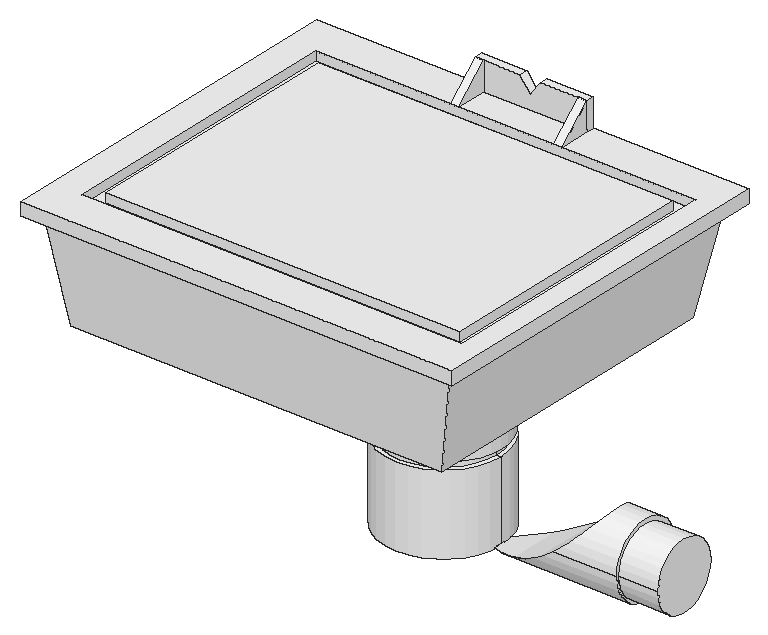
Revit family "Plumbing Fixture-Wall and Ground_Hydrant_Mifab_MHY-55", category Plumbing Fixtures, host Face, Revit 2013
Parameters
  WFU = 0
  URL = "www.mifab.com"
  Overall Length = 3.930"
  Model = "MHY-55"
  Manufacturer = "MIFAB"
  Hydrant Material = Chrome Plated
  Description = "Encased Narrow Wall Hydrant"
  Default Elevation = 0.000"
Reference planes (in)
  plane 1 "Center (Front/Back)": y = 0
  plane 2: z = 0
  plane 3 "Center (Left/Right)": x = 0
  plane 4: z = -0.2
  plane 5: z = -1.95
  plane 6: x = 0.96629
  plane 7: z = -2.8212
  plane 8: z = -4.13
Forms (in)
  Extrusion 1, solid, material "Chrome Plated" <- "Hydrant Material"
    sketch origin (-0.41379, 0, -18.00514) x (1, 0, 0) y (0, 1, 0)
      loop
        line (-1.62512, 0.95206) -> (-1.62512, -0.95974) -> (2.64683, -0.95974) -> (2.64683, 0.95206) -> (-1.62512, 0.95206)
    from 16.74065 to 16.30514
  Extrusion 2, solid, material "Chrome Plated" <- "Hydrant Material"
    sketch origin (-0.41379, 0, -18.00514) x (1, 0, 0) y (0, 0, 1)
      loop
        line (-1.398, 16.30514) -> (-1.398, 15.83003) -> (-1.055, 15.83003) -> (-1.055, 15.46996) -> (0.09956, 15.46996)
        arc (0.09956, 15.46996) -> (0.31202, 15.38775) -> (0.41379, 15.18394) r 0.31562
        line (0.41379, 15.18394) -> (1.38, 15.18394) -> (1.38, 16.30514) -> (-1.398, 16.30514)
    from -0.8125 to 0.8125
  Extrusion 3, solid
    sketch origin (-0.41379, 0, -18.00514) x (1, 0, 0) y (0, 1, 0)
      loop
        circle (-0.38412, 0) r 0.739
    from 16.30514 to 16.37894
  Extrusion 4, solid
    sketch origin (-0.41379, 0, -18.00514) x (1, 0, 0) y (0, 1, 0)
      loop
        circle (-0.38412, 0) r 0.70723
    from 16.37894 to 16.74065
  Extrusion 5, solid
    sketch origin (-0.41379, 0, -18.00514) x (1, 0, 0) y (0, 1, 0)
      loop
        circle (-0.38412, 0) r 0.444
    from 16.74065 to 17.43692
  Extrusion 6, solid
    sketch origin (-0.41379, 0, -18.00514) x (1, 0, 0) y (0, 1, 0)
      loop
        line (0.7505, 0) -> (1.06525, -0.54516) -> (1.69475, -0.54516) -> (2.0095, 0) -> (1.69475, 0.54516) -> (1.06525, 0.54516) -> (0.7505, 0)
    from 16.30514 to 16.74065
  Extrusion 7, solid
    sketch origin (1.35033, 0, -18.00514) x (1, 0, 0) y (0, 1, 0)
      loop
        circle (-0.38412, 0) r 0.444
    from 16.74065 to 17.3299
  Extrusion 8, solid, material "Chrome Plated" <- "Hydrant Material"
    sketch origin (-0.61086, 0, -10.36788) x (1, 0, 0) y (0, 1, 0)
      loop
        line (-2.46414, 2.60866) -> (-2.46414, -2.60866) -> (3.68586, -2.60866) -> (3.68586, 2.60866) -> (-2.46414, 2.60866)
    from 10.16788 to 8.66788
  Extrusion 9, solid, material "Chrome Plated" <- "Hydrant Material"
    sketch origin (-0.41379, 0, -10.36788) x (1, 0, 0) y (0, 1, 0)
      loop
        line (-2.86121, 2.80866) -> (-2.86121, -2.80866) -> (3.68879, -2.80866) -> (3.68879, 2.80866) -> (-2.86121, 2.80866)
    from 10.16788 to 10.36788
  Extrusion 10, void
    sketch origin (-0.41379, 0, -10.36788) x (1, 0, 0) y (0, 0, 1)
      loop
        line (3.48879, 10.16788) -> (3.2243, 8.66788) -> (3.48879, 8.66788) -> (3.48879, 10.16788)
      loop
        line (-2.66121, 10.16788) -> (-2.66121, 8.66788) -> (-2.39672, 8.66788) -> (-2.66121, 10.16788)
    from -2.60866 to 2.60866
  Extrusion 11, void
    sketch origin (-0.41379, 0, -10.36788) x (0, 1, 0) y (0, 0, 1)
      loop
        line (2.60866, 10.16788) -> (2.34417, 8.66788) -> (2.60866, 8.66788) -> (2.60866, 10.16788)
      loop
        line (-2.60866, 10.16788) -> (-2.60866, 7.98238) -> (-2.34417, 7.98238) -> (-2.60866, 10.16788)
    from -2.66121 to 3.48879
  Extrusion 12, solid, material "Chrome Plated" <- "Hydrant Material"
    sketch origin (-10.41379, 0, -10.36788) x (0, 1, 0) y (0, 0, 1)
      loop
        circle (0.02322, 6.79825) r 0.55209
    from 14.36303 to 11.38
  Extrusion 13, solid, material "Chrome Plated" <- "Hydrant Material"
    sketch origin (-0.95076, 0, 1.86252) x (0, 1, 0) y (0, 0, 1)
      loop
        circle (0, -5.43216) r 0.5
    from 4.9 to 5.5
  Extrusion 14, solid, material "Chrome Plated" <- "Hydrant Material"
    sketch origin (-0.41371, 0, -18.44065) x (1, 0, 0) y (0, 1, 0)
      loop
        arc (1.38, -0.8125) -> (2.1925, 0) -> (1.38, 0.8125) r 0.8125
        line (1.38, 0.8125) -> (1.38, -0.8125)
    from 15.61945 to 16.74065
  Revolve 15, solid, material "Chrome Plated" <- "Hydrant Material"
    sketch origin (0, 0, 0) x (1, 0, 0) y (0, 0, 1)
      loop
        line (0.07311, -2.8212) -> (0.07311, -2.9212) -> (0.88939, -2.9212) -> (0.88939, -2.8212) -> (0.07311, -2.8212)
      axis (0.88939, -2.9212) -> (0.88939, -2.8212)
    angle from 0 to 360
  Revolve 16, solid, material "Chrome Plated" <- "Hydrant Material"
    sketch origin (0, 0, 0) x (1, 0, 0) y (0, 0, 1)
      loop
        line (0, -2.9212) -> (0, -4.13) -> (0.88939, -4.13) -> (0.88939, -2.9212) -> (0, -2.9212)
      axis (0.88939, -2.9212) -> (0.88939, -4.13)
    angle from 0 to 360
  Extrusion 17, void
    sketch origin (0, 0, 0) x (1, 0, 0) y (0, 0, 1)
      loop
        line (0.96621, -3.01755) -> (0.96621, -4.12173)
        arc (0.96621, -4.12173) -> (2.3947, -3.90897) -> (3.53102, -3.01755) r 2.82302
        line (3.53102, -3.01755) -> (0.96621, -3.01755)
    from -0.8125 to 0.8125
  Extrusion 18, solid, material "Chrome Plated" <- "Hydrant Material"
    sketch origin (-1.06012, 0.04295, -2.50134) x (1, 0, 0) y (0, 0, 1)
      loop
        line (0.2968, 2.50134) -> (1.9762, 2.50134) -> (1.9762, 2.93384) -> (1.28098, 2.93384) -> (1.13208, 2.73242) -> (0.96898, 2.93384) -> (0.2968, 2.93384) -> (0.2968, 2.50134)
    from -2.7657 to -2.6454
  Extrusion 19, solid, material "Chrome Plated" <- "Hydrant Material"
    sketch origin (-1.06012, 0.04295, -2.50134) x (0, 1, 0) y (0, 0, 1)
      loop
        line (2.6454, 2.93384) -> (2.17714, 2.50134) -> (2.6454, 2.50134) -> (2.6454, 2.93384)
    from 0.2968 to 0.4165
  Extrusion 20, solid, material "Chrome Plated" <- "Hydrant Material"
    sketch origin (1.20405, 0.04295, -2.50134) x (0, 1, 0) y (0, 0, -1)
      loop
        line (2.6454, -2.93384) -> (2.6454, -2.50134) -> (2.17714, -2.50134) -> (2.6454, -2.93384)
    from 0.28797 to 0.40767
  Extrusion 21, void
    sketch origin (0.07197, 0, 0) x (1, 0, 0) y (0, 1, 0)
      loop
        line (-2.88203, 2.22009) -> (-2.88203, -2.22009) -> (2.88203, -2.22009) -> (2.88203, 2.22009) -> (-2.88203, 2.22009)
      loop
        line (-2.68203, 2.02009) -> (-2.68203, -2.02009) -> (2.68203, -2.02009) -> (2.68203, 2.02009) -> (-2.68203, 2.02009)
    from 0 to -0.13364
Cuts and joins
  Extrusion 21 cuts Extrusion 1
  Extrusion 21 cuts Extrusion 2
  Extrusion 10, Extrusion 11, Extrusion 21 cuts Extrusion 8
  Extrusion 21 cuts Extrusion 9
  Extrusion 17, Extrusion 21 cuts Extrusion 12
  Extrusion 17, Extrusion 21 cuts Extrusion 13
  Extrusion 21 cuts Revolve 16
  joined: Extrusion 1, Extrusion 2, Extrusion 8, Extrusion 9, Extrusion 12, Extrusion 13, Revolve 16
Lines and regions (in)
  symbolic lines, style "PlumbingFixtures"
    curve 1: line (-3.38528, 2.8125, 0) -> (3.36472, 2.8125, 0)
    curve 2: line (-3.38528, -2.8125, 0) -> (-3.38528, 2.8125, 0)
    curve 3: line (3.36472, -2.8125, 0) -> (-3.38528, -2.8125, 0)
    curve 4: line (3.36472, 2.8125, 0) -> (3.36472, -2.8125, 0)
Dimensions and locks (in)
  locked: Extrusion 9 sketch curve to Extrusion 9 sketch curve at 5.61731
  locked: Extrusion 9 sketch curve to Extrusion 9 sketch curve at 6.55
  locked: Extrusion 9 to Extrusion 9 at 0.2
  Extrusion 9 sketch curve to Extrusion 9 sketch curve = 5.61731"
  curve 2 to curve 4 = 6.750"  (x2)
  curve 4 to curve 2 = 6.750"
  Revolve 15 sketch curve to Revolve 15 sketch curve = 0.100"
  "Overall Length": plane 4 to cut or joined group 1 (Extrusion 1, Extrusion 2, Extrusion 8, Extrusion 9, Extrusion 10, Extrusion 11, Extrusion 12, Extrusion 13, Revolve 16, Extrusion 17, Extrusion 21)
  aligned and locked: plane 2 to host face
  aligned and locked: level to host face
  aligned and locked: Extrusion 1 to Extrusion 8
  aligned and locked: Extrusion 9 to Extrusion 8
  aligned and locked: Extrusion 10 to Extrusion 8
  aligned and locked: Extrusion 11 to Extrusion 8
  aligned and locked: Extrusion 9 to plane 4
  aligned and locked: Extrusion 3 to Extrusion 1
  aligned and locked: Extrusion 1 to Extrusion 6
  aligned and locked: Extrusion 3 to Extrusion 6
  aligned and locked: Extrusion 4 to Extrusion 3
  aligned and locked: Extrusion 4 to Extrusion 5
  aligned and locked: Extrusion 5 to Extrusion 6
  aligned and locked: Extrusion 4 to Extrusion 7
  aligned and locked: Extrusion 6 to Extrusion 4
  aligned and locked: plane 4 to Extrusion 9
  aligned and locked: level to Extrusion 9
  aligned and locked: host face to Extrusion 9
  aligned and locked: host face to cut or joined group 1
  aligned and locked: host face to Extrusion 4
  aligned and locked: Extrusion 2 to Extrusion 1
  aligned and locked: plane 6 to Extrusion 14
  aligned and locked: plane 7 to cut or joined group 1
  aligned and locked: cut or joined group 1 to Extrusion 14
  aligned and locked: Revolve 16 sketch curve to Revolve 16 sketch curve
  aligned and locked: Revolve 16 sketch curve to Revolve 15
  aligned and locked: Extrusion 2 to Extrusion 12
Automatic sketch dimensions
  curve 1 to plane 3 "Center (Left/Right)" = 3.38528"
  plane 1 "Center (Front/Back)" to curve 4 = 2.8125"
  curve 1 to plane 1 "Center (Front/Back)" = 2.8125"
  host sketch curve to host sketch curve = 20.58785"
  host sketch curve to host sketch curve = 16.42037"
  Extrusion 1 sketch curve to plane 1 "Center (Front/Back)" = 0.95206"
  Extrusion 1 sketch curve to plane 3 "Center (Left/Right)" = 2.03891"
  plane 1 "Center (Front/Back)" to Extrusion 1 sketch curve = 0.95974"
  plane 3 "Center (Left/Right)" to Extrusion 1 sketch curve = 2.23304"
  Extrusion 2 sketch curve to plane 3 "Center (Left/Right)" = 0.000"
  Extrusion 2 sketch curve to plane 7 = 0.000"
  plane 7 to Extrusion 2 sketch curve = 0.28602"
  Extrusion 2 sketch curve to plane 3 "Center (Left/Right)" = 0.31423"
  Extrusion 2 sketch curve to plane 5 = 0.22511"
  Extrusion 2 sketch curve to Extrusion 2 sketch curve = 1.15456"
  plane 5 to Extrusion 2 sketch curve = 0.250"
  Extrusion 2 sketch curve to Extrusion 2 sketch curve = 0.343"
  plane 3 "Center (Left/Right)" to Extrusion 2 sketch curve = 0.96621"
  plane 1 "Center (Front/Back)" to Extrusion 3 sketch curve = 0.000"
  Extrusion 3 sketch curve to plane 3 "Center (Left/Right)" = 0.79791"
  plane 1 "Center (Front/Back)" to Extrusion 4 sketch curve = 0.000"
  Extrusion 4 sketch curve to plane 3 "Center (Left/Right)" = 0.79791"
  plane 1 "Center (Front/Back)" to Extrusion 5 sketch curve = 0.000"
  Extrusion 5 sketch curve to plane 3 "Center (Left/Right)" = 0.79791"
  plane 1 "Center (Front/Back)" to Extrusion 6 sketch curve = 0.000"  (x2)
  plane 3 "Center (Left/Right)" to Extrusion 6 sketch curve = 0.33671"
  plane 1 "Center (Front/Back)" to Extrusion 6 sketch curve = 0.54516"
  Extrusion 6 sketch curve to Extrusion 6 sketch curve = 0.31475"  (x3)
  Extrusion 6 sketch curve to plane 1 "Center (Front/Back)" = 0.54516"
  Extrusion 6 sketch curve to Extrusion 6 sketch curve = 0.6295"  (x2)
  plane 1 "Center (Front/Back)" to Extrusion 7 sketch curve = 0.000"
  plane 3 "Center (Left/Right)" to Extrusion 7 sketch curve = 0.96621"
  Extrusion 8 sketch curve to plane 3 "Center (Left/Right)" = 3.075"
  plane 1 "Center (Front/Back)" to Extrusion 8 sketch curve = 2.60866"
  plane 3 "Center (Left/Right)" to Extrusion 8 sketch curve = 3.075"
  Extrusion 8 sketch curve to plane 1 "Center (Front/Back)" = 2.60866"
  Extrusion 9 sketch curve to plane 3 "Center (Left/Right)" = 3.275"
  plane 1 "Center (Front/Back)" to Extrusion 9 sketch curve = 2.80866"
  Extrusion 10 sketch curve to plane 4 = 0.000"  (x2)
  Extrusion 10 sketch curve to plane 3 "Center (Left/Right)" = 3.075"
  plane 5 to Extrusion 10 sketch curve = 0.250"  (x2)
  Extrusion 10 sketch curve to Extrusion 10 sketch curve = 0.26449"  (x2)
  plane 3 "Center (Left/Right)" to Extrusion 10 sketch curve = 2.81051"
  Extrusion 11 sketch curve to plane 4 = 0.000"  (x2)
  plane 1 "Center (Front/Back)" to Extrusion 11 sketch curve = 2.60866"
  Extrusion 11 sketch curve to plane 5 = 0.43551"
  Extrusion 11 sketch curve to Extrusion 11 sketch curve = 0.26449"  (x2)
  plane 5 to Extrusion 11 sketch curve = 0.250"
  Extrusion 11 sketch curve to plane 1 "Center (Front/Back)" = 2.34417"
  Extrusion 12 sketch curve to plane 1 "Center (Front/Back)" = 0.02322"
  plane 8 to Extrusion 12 sketch curve = 0.56036"
  Extrusion 13 sketch curve to plane 1 "Center (Front/Back)" = 0.000"
  plane 8 to Extrusion 13 sketch curve = 0.56036"
  plane 3 "Center (Left/Right)" to Extrusion 14 sketch curve = 0.96629"
  plane 1 "Center (Front/Back)" to Extrusion 14 sketch curve = 0.8125"
  plane 1 "Center (Front/Back)" to Extrusion 14 sketch curve = 0.000"
  Revolve 15 sketch curve to plane 7 = 0.000"
  plane 3 "Center (Left/Right)" to Revolve 15 sketch curve = 0.07311"
  Revolve 15 sketch curve to plane 6 = 0.07689"
  Revolve 15 sketch curve to Revolve 15 sketch curve = 0.000"
  Revolve 15 sketch curve to plane 8 = 0.20051"
  Revolve 15 sketch curve to Revolve 15 sketch curve = 0.06335"
  Revolve 16 sketch curve to plane 3 "Center (Left/Right)" = 0.000"
  Revolve 16 sketch curve to plane 8 = 0.000"
  Revolve 16 sketch curve to plane 7 = 0.000"
  plane 3 "Center (Left/Right)" to Revolve 16 sketch curve = 0.88939"
  Revolve 16 sketch curve to plane 8 = 0.30626"
  plane 8 to Extrusion 17 sketch curve = 0.00827"
  plane 3 "Center (Left/Right)" to Extrusion 17 sketch curve = 0.96621"
  Extrusion 17 sketch curve to plane 7 = 0.19635"
  Extrusion 17 sketch curve to Extrusion 17 sketch curve = 2.56481"
  plane 5 to Extrusion 17 sketch curve = 0.63397"
  Extrusion 18 sketch curve to level = 0.000"
  Extrusion 18 sketch curve to plane 3 "Center (Left/Right)" = 0.76332"
  plane 3 "Center (Left/Right)" to Extrusion 18 sketch curve = 0.07197"
  level to Extrusion 18 sketch curve = 0.23109"
  Extrusion 18 sketch curve to plane 3 "Center (Left/Right)" = 0.09114"
  plane 3 "Center (Left/Right)" to Extrusion 18 sketch curve = 0.22086"
  Extrusion 18 sketch curve to Extrusion 18 sketch curve = 0.69522"
  Extrusion 18 sketch curve to Extrusion 18 sketch curve = 0.20141"  (x2)
  Extrusion 19 sketch curve to level = 0.000"
  Extrusion 19 sketch curve to plane 1 "Center (Front/Back)" = 2.22009"
  level to Extrusion 19 sketch curve = 0.4325"
  Extrusion 19 sketch curve to Extrusion 19 sketch curve = 0.46827"
  Extrusion 20 sketch curve to level = 0.000"
  Extrusion 20 sketch curve to plane 1 "Center (Front/Back)" = 2.22009"
  level to Extrusion 20 sketch curve = 0.4325"
  Extrusion 20 sketch curve to Extrusion 20 sketch curve = 0.46827"
  Extrusion 21 sketch curve to plane 3 "Center (Left/Right)" = 2.81006"
  plane 1 "Center (Front/Back)" to Extrusion 21 sketch curve = 2.22009"
  Extrusion 21 sketch curve to Extrusion 21 sketch curve = 0.200"  (x4)
  plane 3 "Center (Left/Right)" to Extrusion 21 sketch curve = 2.754"
  Extrusion 21 sketch curve to plane 1 "Center (Front/Back)" = 2.02009"
  radius of Extrusion 3 sketch curve = 0.739"
  radius of Extrusion 4 sketch curve = 0.70723"
  radius of Extrusion 5 sketch curve = 0.444"
  radius of Extrusion 7 sketch curve = 0.444"
  radius of Extrusion 12 sketch curve = 0.55209"
  radius of Extrusion 13 sketch curve = 0.500"
Connectors (in)
  piping at (4.54924, 0, -3.56964)
    settings: on Extrusion 13, index 3, connector radius 1/2", flow factor 0, pipe flow 0 GPM, pressure drop 0.00 psi, fitting loss kfactor 0, connector angle 0.00°, fixture units 0, engagement length 0.000", flow configuration 0, flow direction 0, fitting loss method 0, system type 7, joint type 0, gender type 0, connector reference index -1, connector utility 0, adjustable connector no, is connector primary yes, fitting loss table "", connector description "Inlet"
  piping at (-0.79791, 0, -0.56822)
    settings: on Extrusion 5, index 4, connector radius 3/8", flow factor 0, pipe flow 0 GPM, pressure drop 0.00 psi, fitting loss kfactor 0, connector angle 0.00°, fixture units 0, engagement length 0.000", flow configuration 0, flow direction 0, fitting loss method 0, system type 7, joint type 0, gender type 0, connector reference index -1, connector utility 0, adjustable connector no, is connector primary no, fitting loss table "", connector description "Male Hose"
